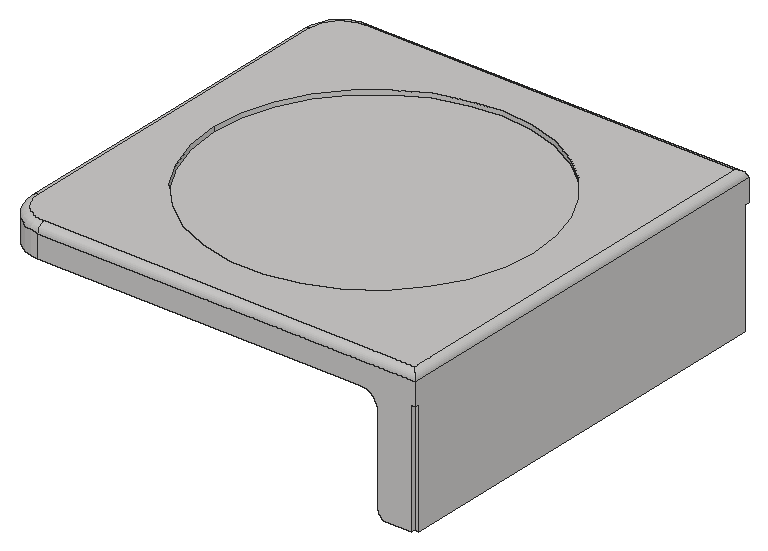
Revit family "rba-bim-rba1622-101", category Plumbing Fixtures, Revit 2016
Family settings
  Part Type = Normal
  Round Connector Dimension = Use Diameter
  Work Plane-Based = No
  Always vertical = Yes
  Cut with Voids When Loaded = No
  Shared = Yes
  Room Calculation Point = No
Parameters (values of type "RBA1622-101")
  Watermarked By = "www.rba.com.au"
  Waste Connection = yes
  Vent Connection = yes
  URL = ""
  Phone Number = "1300 788 778"
  Modified Issue = "20190218.01"
  Model = "RBA1622-101"
  Materials and Finishes = Stainless Steel AISI 304
  Manufacturer Model = ""
  Manufacturer = "RBA Group"  # constant formula
  HW Connection = yes
  Description = "ënda Soap Dish"
  Copyright by = "RBA Group"  # constant formula
  CW Connection = yes
Reference planes
  plane 1 "Center (Front/Back)": y = 0
  plane 2: z = 0
  plane 3 "Center (Left/Right)": x = 0
Forms (mm)
  Extrusion 1, solid, material "Stainless Steel AISI 304" <- "Materials and Finishes"
    sketch origin (0, 0, 0) x (1, 0, 0) y (0, 1, 0)
      loop
        line (-110, 45) -> (-110, -45)
        arc (-110, -45) -> (-107.071, -52.071) -> (-100, -55) r 10
        line (-100, -55) -> (0, -55) -> (0, 55) -> (-100, 55)
        arc (-100, 55) -> (-107.071, 52.071) -> (-110, 45) r 10
    from 30 to 38
  Sweep 2, void
    path in 3D
      loop
        arc (-100, 55, 38) -> (-107.071, 52.071, 38) -> (-110, 45, 38) r 10
        line (-110, 45, 38) -> (-110, -45, 38)
        arc (-110, -45, 38) -> (-107.071, -52.071, 38) -> (-100, -55, 38) r 10
        line (-100, -55, 38) -> (0, -55, 38) -> (0, 55, 38) -> (-100, 55, 38)
    profile origin (-50, 55, 38) x (0, -1, 0) y (0, 0, 1)
      loop
        line (0, 0) -> (0, -2)
        arc (0, -2) -> (0.586, -0.586) -> (2, 0) r 2
        line (2, 0) -> (0, 0)
  Extrusion 3, solid, material "Stainless Steel AISI 304" <- "Materials and Finishes"
    sketch origin (0, 0, 0) x (1, 0, 0) y (0, 0, 1)
      loop
        arc (-15, 30) -> (-11.464, 28.536) -> (-10, 25) r 5
        line (-10, 25) -> (-10, 2)
        arc (-10, 2) -> (-9.414, 0.586) -> (-8, 0) r 2
        line (-8, 0) -> (0, 0) -> (0, 30) -> (-15, 30)
    from -55 to 55
  Extrusion 4, void
    sketch origin (0, 0, 0) x (1, 0, 0) y (0, 1, 0)
      loop
        circle (-55, 0) r 42.5
    from 36.8 to 38
  Extrusion 5, void
    sketch origin (0, 0, 0) x (1, 0, 0) y (0, 1, 0)
      loop
        line (0, 55) -> (-1, 55) -> (-1, 54) -> (0, 54) -> (0, 55)
      loop
        line (0, -54) -> (-1, -54) -> (-1, -55) -> (0, -55) -> (0, -54)
    from 0 to 30
Cuts and joins
  Sweep 2, Extrusion 4 cuts Extrusion 1
  Extrusion 5 cuts Extrusion 3
  joined: Extrusion 1, Extrusion 3
Lines and regions (mm)
  sketch lines
    curve 1: line (0, 55, 38) -> (-100, 55, 38)
    curve 2: arc (-110, 45, 38) -> (-107.071, 52.071, 38) -> (-100, 55, 38) r 10
    curve 3: line (-110, 45, 38) -> (-110, -45, 38)
    curve 4: arc (-100, -55, 38) -> (-107.071, -52.071, 38) -> (-110, -45, 38) r 10
    curve 5: line (-100, -55, 38) -> (0, -55, 38)
    curve 6: line (0, -55, 38) -> (0, 55, 38)
Dimensions and locks
  aligned and locked: plane 2 to level
